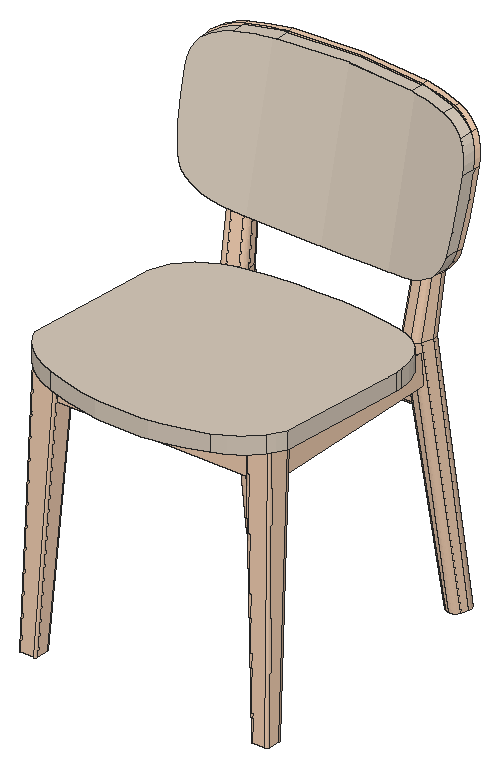
Revit family "FU_Chair_Sandler_Celina 1-13", category Furniture, Revit 2020
Family settings
  OmniClass Number = 23.40.20.00
  OmniClass Title = General Furniture and Specialties
  Work Plane-Based = No
  Always vertical = Yes
  Cut with Voids When Loaded = No
  Shared = No
  Room Calculation Point = No
Parameters (values of type "Celina 1.13")
  Width = 500 mm
  URL = "https://www.sandlerseating.com/product/celina-1-11/"
  Seat [instance] = Fabric - Manhattan - Bronx YI364
  Model = "Celina 1.13"
  Manufacturer = "Sandler"
  Height = 820 mm
  Frame [instance] = Wood - Beech - Walnut - V
  Description = "Side chair on a beech frame with a fully upholstered seat and upholstered panel on back."
  Depth = 550 mm
  Default Elevation = 0 mm
Reference planes
  plane 1 "Center (Front/Back)": y = 0
  plane 2: z = 0
  plane 3 "Center (Left/Right)": x = 0
  plane 4 "Right": x = -250
  plane 5 "Left": x = 250
  plane 6 "Back": y = 275
  plane 7 "Front": y = -275
  plane 8 "Height": z = 820
  plane 9 "Seat height": z = 460
  plane 10 "Right Arm": x = -325
  plane 11 "Left Arm": x = 325
  plane 12 "FL C FRONT": through (206.59, -1524, 5.36) normal (-0.9994, 0, -0.0359)
  plane 13 "BL C Front": through (-178.282, -1524, 5.132) normal (-0.9999, 0, 0.0103)
  plane 14 "FL C RIGHT": through (4267.2, -211.114, 5.562) normal (0, -0.9986, 0.0521)
  plane 15: through (4267.2, 255.502, 4.2) normal (0, -0.9887, -0.1501)
  plane 16: through (4267.2, 190.415, 493.994) normal (0, -0.984, 0.1783)
Forms (mm)
  Sweep 1, solid, material "Fabric - Manhattan - Bronx YI364" <- "Seat"
    path origin (0.119, 29.292, 439.708) x (0, 0.99863, -0.052336) y (1, 0, 0)
      loop
        line (-311.844, 0) -> (171.86, 0)
    profile "Pro_celina_Seat_UPH : Pro_celina_Seat_UPH" origin (0.119, -40.604, 443.371) x (1, 0, 0) y (0, -0.052336, -0.99863)
      loop
        arc (226.228, -11.375) -> (0, 0) -> (-226.228, -11.375) r 2255.339
        line (-226.228, -11.375) -> (-226.228, -41.375)
        arc (-226.228, -41.375) -> (0, -30) -> (226.228, -41.375) r 2255.339
        line (226.228, -41.375) -> (226.228, -11.375)
  Extrusion 2, void
    sketch origin (0.119, -20.296, 502.02) x (-1, 0, 0) y (0, -1, 0)
      loop
        line (248.521, -230.925) -> (248.521, 269.075) -> (-251.479, 269.075) -> (-251.479, -230.925) -> (248.521, -230.925)
      loop
        arc (141.879, 235.713) -> (0.119, 256.987) -> (-141.64, 235.713) r 482.927
        arc (-141.64, 235.713) -> (-177.703, 219.068) -> (-208.046, 193.437) r 148.11
        arc (-208.046, 193.437) -> (-229.338, 158.084) -> (-235.769, 117.318) r 107.689
        arc (-235.769, 117.318) -> (-233.624, 13.584) -> (-224.626, -89.781) r 1568.852
        arc (-224.626, -89.781) -> (-196.277, -154.472) -> (-136.874, -192.68) r 122.229
        arc (-136.874, -192.68) -> (0.119, -211.879) -> (137.113, -192.68) r 498.358
        arc (137.113, -192.68) -> (196.516, -154.472) -> (224.865, -89.781) r 122.229
        arc (224.865, -89.781) -> (233.862, 13.584) -> (236.008, 117.318) r 1568.852
        arc (236.008, 117.318) -> (229.577, 158.084) -> (208.285, 193.437) r 107.689
        arc (208.285, 193.437) -> (177.942, 219.068) -> (141.879, 235.713) r 148.11
    from 10.492 to -76.796
  Sweep 3, solid, material "Fabric - Manhattan - Bronx YI364" <- "Seat"
    path origin (0.119, 37.154, -270.249) x (0, 1, 0) y (0, 0, 1)
      loop
        line (154.569, 770) -> (234.758, 1108.042)
    profile "Pro_celina_Back_UPH : Pro_celina_Back_UPH" origin (0.119, 231.818, 668.772) x (0, -0.972998, 0.230812) y (1, 0, 0)
      loop
        arc (42.034, 246.545) -> (3, 0) -> (42.034, -246.545) r 798.125
        arc (42.034, -246.545) -> (43.85, -249.045) -> (46.789, -250) r 5
        line (46.789, -250) -> (73.165, -250)
        arc (73.165, -250) -> (33, 0) -> (73.165, 250) r 798.125
        line (73.165, 250) -> (46.789, 250)
        arc (46.789, 250) -> (43.85, 249.045) -> (42.034, 246.545) r 5
  Extrusion 4, void
    sketch origin (0.119, 39.342, -270.874) x (1, 0, 0) y (0, 0, 1)
      loop
        line (119.761, 1090) -> (-121.25, 1090)
        arc (-121.25, 1090) -> (-154.552, 1088.857) -> (-187.721, 1085.67) r 541.973
        arc (-187.721, 1085.67) -> (-211.489, 1079.491) -> (-232.923, 1067.503) r 96.341
        arc (-232.923, 1067.503) -> (-245.694, 1045.257) -> (-249.494, 1019.89) r 69.271
        arc (-249.494, 1019.89) -> (-247.861, 958.646) -> (-241.122, 897.751) r 733.414
        arc (-241.122, 897.751) -> (-232.137, 873.763) -> (-214.284, 855.393) r 62.504
        arc (-214.284, 855.393) -> (-182.775, 839.296) -> (-148.432, 830.784) r 154.624
        arc (-148.432, 830.784) -> (-5.305, 821.343) -> (137.883, 829.803) r 1149.301
        arc (137.883, 829.803) -> (177.655, 837.565) -> (214.045, 855.393) r 154.624
        arc (214.045, 855.393) -> (231.898, 873.763) -> (240.883, 897.751) r 62.504
        arc (240.883, 897.751) -> (247.622, 958.646) -> (249.256, 1019.89) r 733.414
        arc (249.256, 1019.89) -> (245.455, 1045.257) -> (232.684, 1067.503) r 69.271
        arc (232.684, 1067.503) -> (211.25, 1079.491) -> (187.482, 1085.67) r 96.341
        arc (187.482, 1085.67) -> (153.689, 1088.897) -> (119.761, 1090) r 541.59
      loop
        line (-260, 1133.116) -> (-260, 753.116) -> (260, 753.116) -> (260, 1133.116) -> (-260, 1133.116)
    from -246.089 to -65.658
  SweptBlend 5, solid, material "Wood - Beech - Walnut - V" <- "Frame"
    path origin (206.516, 0, 7.419) x (0.035902, 0, -0.999355) y (0, -1, 0)
      loop
        line (15.798, 211.845) -> (-453.563, 187.36)
    profile origin (207.083, -211.845, -8.369) x (0.00187, 0.998642, -0.052062) y (-0.999355, 0, -0.035902)
      loop
        arc (-14.979, -11.006) -> (-13.796, -13.848) -> (-10.949, -15.021) r 4.023
        line (-10.949, -15.021) -> (11.028, -14.979)
        arc (11.028, -14.979) -> (13.854, -13.803) -> (15.021, -10.972) r 4
        line (15.021, -10.972) -> (14.979, 11.028)
        arc (14.979, 11.028) -> (13.803, 13.854) -> (10.972, 15.021) r 4
        line (10.972, 15.021) -> (-11.028, 14.979)
        arc (-11.028, 14.979) -> (-13.854, 13.803) -> (-15.021, 10.972) r 4
        line (-15.021, 10.972) -> (-14.979, -11.006)
    end profile origin (190.232, -187.36, 460.69) x (0.00187, 0.998642, -0.052062) y (-0.999355, 0, -0.035902)
      loop
        arc (-21.966, -18.041) -> (-20.789, -20.867) -> (-17.959, -22.034) r 4
        line (-17.959, -22.034) -> (18.041, -21.966)
        arc (18.041, -21.966) -> (20.867, -20.789) -> (22.034, -17.959) r 4
        line (22.034, -17.959) -> (21.966, 18.041)
        arc (21.966, 18.041) -> (20.789, 20.867) -> (17.959, 22.034) r 4
        line (17.959, 22.034) -> (-18.041, 21.966)
        arc (-18.041, 21.966) -> (-20.867, 20.789) -> (-22.034, 17.959) r 4
        line (-22.034, 17.959) -> (-21.966, -18.041)
  SweptBlend 6, solid, material "Wood - Beech - Walnut - V" <- "Frame"
    path origin (-178.316, 0, 1.838) x (-0.010308, 0, -0.999947) y (0, -1, 0)
      loop
        line (10.63, -257.754) -> (-463.93, -185.692)
    profile origin (-178.425, 257.754, -8.791) x (0.001548, 0.988666, 0.150121) y (-0.999947, 0, 0.010308)
      loop
        line (16.945, 1.2) -> (15.071, 7.954)
        arc (15.071, 7.954) -> (9.652, 14.89) -> (0.916, 15.962) r 11.5
        line (0.916, 15.962) -> (-12.575, 12.22)
        arc (-12.575, 12.22) -> (-19.51, 6.801) -> (-20.583, -1.935) r 11.5
        line (-20.583, -1.935) -> (-18.712, -8.681)
        arc (-18.712, -8.681) -> (-13.292, -15.616) -> (-4.556, -16.688) r 11.5
        line (-4.556, -16.688) -> (8.943, -12.944)
        arc (8.943, -12.944) -> (15.873, -7.529) -> (16.945, 1.2) r 11.49
    end profile origin (-173.534, 185.692, 465.743) x (0.001548, 0.988666, 0.150121) y (-0.999947, 0, 0.010308)
      loop
        line (5.481, 10.089) -> (-14.232, 4.749)
        arc (-14.232, 4.749) -> (-20.595, -0.161) -> (-21.622, -8.131) r 10.5
        line (-21.622, -8.131) -> (-16.447, -27.235)
        arc (-16.447, -27.235) -> (-11.538, -33.597) -> (-3.567, -34.624) r 10.5
        line (-3.567, -34.624) -> (16.146, -29.284)
        arc (16.146, -29.284) -> (22.508, -24.375) -> (23.535, -16.404) r 10.5
        line (23.535, -16.404) -> (18.361, 2.699)
        arc (18.361, 2.699) -> (13.451, 9.061) -> (5.481, 10.089) r 10.5
  SweptBlend 7, solid, material "Wood - Beech - Walnut - V" <- "Frame"
    path origin (-178.316, 0, 1.838) x (-0.010308, 0, -0.999947) y (0, -1, 0)
      loop
        line (-447.138, -184.221) -> (-698.053, -229.684)
    profile origin (-173.707, 184.221, 448.952) x (-0.001838, 0.983979, -0.178274) y (-0.999947, 0, 0.010308)
      loop
        line (6.359, 10.097) -> (-14.247, 4.59)
        arc (-14.247, 4.59) -> (-20.626, -0.298) -> (-21.68, -8.265) r 10.5
        line (-21.68, -8.265) -> (-16.57, -27.386)
        arc (-16.57, -27.386) -> (-11.682, -33.765) -> (-3.715, -34.819) r 10.5
        line (-3.715, -34.819) -> (16.891, -29.312)
        arc (16.891, -29.312) -> (23.269, -24.424) -> (24.324, -16.457) r 10.5
        line (24.324, -16.457) -> (19.214, 2.664)
        arc (19.214, 2.664) -> (14.326, 9.042) -> (6.359, 10.097) r 10.5
    end profile origin (-171.12, 229.684, 699.854) x (-0.001838, 0.983979, -0.178274) y (-0.999947, 0, 0.010308)
      loop
        arc (10.888, 12.173) -> (6.714, 17.652) -> (-0.112, 18.575) r 9
        line (-0.112, 18.575) -> (-10.954, 15.71)
        arc (-10.954, 15.71) -> (-16.436, 11.534) -> (-17.36, 4.704) r 9.005
        line (-17.36, 4.704) -> (-12.919, -12.102)
        arc (-12.919, -12.102) -> (-8.745, -17.581) -> (-1.919, -18.504) r 9
        line (-1.919, -18.504) -> (8.928, -15.638)
        arc (8.928, -15.638) -> (14.407, -11.464) -> (15.33, -4.638) r 9
        line (15.33, -4.638) -> (10.888, 12.173)
  Extrusion 8, void
    sketch origin (-178.316, 0, 1.838) x (-0.010308, 0, -0.999947) y (0, -1, 0)
      loop
        line (-458.111, -152.645) -> (-458.111, -224.882) -> (-439.168, -224.882) -> (-439.168, -152.645) -> (-458.111, -152.645)
    from -48.983 to 26.092
  Extrusion 9, void
    sketch origin (-178.316, 0, 1.838) x (-0.010308, 0, -0.999947) y (0, -1, 0)
      loop
        line (-458.228, -152.645) -> (-470.347, -152.645) -> (-470.347, -224.294) -> (-458.228, -224.294) -> (-458.228, -152.645)
    from -48.983 to 26.092
  SweptBlend 10, solid, material "Wood - Beech - Walnut - V" <- "Frame"
    path origin (178.316, 0, 1.838) x (0.010308, 0, -0.999947) y (0, 1, 0)
      loop
        line (10.63, 257.754) -> (-463.93, 185.692)
    profile origin (178.425, 257.754, -8.791) x (0.001548, -0.988666, -0.150121) y (0.999947, 0, 0.010308)
      loop
        arc (-16.945, 1.2) -> (-15.873, -7.529) -> (-8.943, -12.944) r 11.49
        line (-8.943, -12.944) -> (4.556, -16.688)
        arc (4.556, -16.688) -> (13.292, -15.616) -> (18.712, -8.681) r 11.5
        line (18.712, -8.681) -> (20.583, -1.935)
        arc (20.583, -1.935) -> (19.51, 6.801) -> (12.575, 12.22) r 11.5
        line (12.575, 12.22) -> (-0.916, 15.962)
        arc (-0.916, 15.962) -> (-9.652, 14.89) -> (-15.071, 7.954) r 11.5
        line (-15.071, 7.954) -> (-16.945, 1.2)
    end profile origin (173.534, 185.692, 465.743) x (0.001548, -0.988666, -0.150121) y (0.999947, 0, 0.010308)
      loop
        arc (-5.481, 10.089) -> (-13.451, 9.061) -> (-18.361, 2.699) r 10.5
        line (-18.361, 2.699) -> (-23.535, -16.404)
        arc (-23.535, -16.404) -> (-22.508, -24.375) -> (-16.146, -29.284) r 10.5
        line (-16.146, -29.284) -> (3.567, -34.624)
        arc (3.567, -34.624) -> (11.538, -33.597) -> (16.447, -27.235) r 10.5
        line (16.447, -27.235) -> (21.622, -8.131)
        arc (21.622, -8.131) -> (20.595, -0.161) -> (14.232, 4.749) r 10.5
        line (14.232, 4.749) -> (-5.481, 10.089)
  SweptBlend 11, solid, material "Wood - Beech - Walnut - V" <- "Frame"
    path origin (178.316, 0, 1.838) x (0.010308, 0, -0.999947) y (0, 1, 0)
      loop
        line (-447.138, 184.221) -> (-698.053, 229.684)
    profile origin (173.707, 184.221, 448.952) x (-0.001838, -0.983979, 0.178274) y (0.999947, 0, 0.010308)
      loop
        arc (-6.359, 10.097) -> (-14.326, 9.042) -> (-19.214, 2.664) r 10.5
        line (-19.214, 2.664) -> (-24.324, -16.457)
        arc (-24.324, -16.457) -> (-23.269, -24.424) -> (-16.891, -29.312) r 10.5
        line (-16.891, -29.312) -> (3.715, -34.819)
        arc (3.715, -34.819) -> (11.682, -33.765) -> (16.57, -27.386) r 10.5
        line (16.57, -27.386) -> (21.68, -8.265)
        arc (21.68, -8.265) -> (20.626, -0.298) -> (14.247, 4.59) r 10.5
        line (14.247, 4.59) -> (-6.359, 10.097)
    end profile origin (171.12, 229.684, 699.854) x (-0.001838, -0.983979, 0.178274) y (0.999947, 0, 0.010308)
      loop
        line (-10.888, 12.173) -> (-15.33, -4.638)
        arc (-15.33, -4.638) -> (-14.407, -11.464) -> (-8.928, -15.638) r 9
        line (-8.928, -15.638) -> (1.919, -18.504)
        arc (1.919, -18.504) -> (8.745, -17.581) -> (12.919, -12.102) r 9
        line (12.919, -12.102) -> (17.36, 4.704)
        arc (17.36, 4.704) -> (16.436, 11.534) -> (10.954, 15.71) r 9.005
        line (10.954, 15.71) -> (0.112, 18.575)
        arc (0.112, 18.575) -> (-6.714, 17.652) -> (-10.888, 12.173) r 9
  Extrusion 12, void
    sketch origin (178.316, 0, 1.838) x (0.010308, 0, -0.999947) y (0, 1, 0)
      loop
        line (-458.111, 152.645) -> (-439.168, 152.645) -> (-439.168, 224.882) -> (-458.111, 224.882) -> (-458.111, 152.645)
    from -48.983 to 26.092
  Extrusion 13, void
    sketch origin (178.316, 0, 1.838) x (0.010308, 0, -0.999947) y (0, 1, 0)
      loop
        line (-458.228, 152.645) -> (-458.228, 224.294) -> (-470.347, 224.294) -> (-470.347, 152.645) -> (-458.228, 152.645)
    from -48.983 to 26.092
  SweptBlend 14, solid, material "Wood - Beech - Walnut - V" <- "Frame"
    path origin (-206.516, 0, 7.419) x (-0.035902, 0, -0.999355) y (0, 1, 0)
      loop
        line (15.798, -211.845) -> (-453.563, -187.36)
    profile origin (-207.083, -211.845, -8.369) x (0.00187, -0.998642, 0.052062) y (0.999355, 0, -0.035902)
      loop
        line (14.979, -11.006) -> (15.021, 10.972)
        arc (15.021, 10.972) -> (13.854, 13.803) -> (11.028, 14.979) r 4
        line (11.028, 14.979) -> (-10.972, 15.021)
        arc (-10.972, 15.021) -> (-13.803, 13.854) -> (-14.979, 11.028) r 4
        line (-14.979, 11.028) -> (-15.021, -10.972)
        arc (-15.021, -10.972) -> (-13.854, -13.803) -> (-11.028, -14.979) r 4
        line (-11.028, -14.979) -> (10.949, -15.021)
        arc (10.949, -15.021) -> (13.796, -13.848) -> (14.979, -11.006) r 4.023
    end profile origin (-190.232, -187.36, 460.69) x (0.00187, -0.998642, 0.052062) y (0.999355, 0, -0.035902)
      loop
        line (21.966, -18.041) -> (22.034, 17.959)
        arc (22.034, 17.959) -> (20.867, 20.789) -> (18.041, 21.966) r 4
        line (18.041, 21.966) -> (-17.959, 22.034)
        arc (-17.959, 22.034) -> (-20.789, 20.867) -> (-21.966, 18.041) r 4
        line (-21.966, 18.041) -> (-22.034, -17.959)
        arc (-22.034, -17.959) -> (-20.867, -20.789) -> (-18.041, -21.966) r 4
        line (-18.041, -21.966) -> (17.959, -22.034)
        arc (17.959, -22.034) -> (20.789, -20.867) -> (21.966, -18.041) r 4
  Extrusion 15, solid, material "Wood - Beech - Walnut - V" <- "Frame"
    sketch origin (0, 0, 460) x (-1, 0, 0) y (0, -1, 0)
      loop
        line (175.074, 174.445) -> (175.074, 205.637) -> (-174.926, 205.637) -> (-174.926, 174.445) -> (175.074, 174.445)
      loop
        line (207.36, 174.272) -> (178.067, 176.828) -> (146.379, -186.366) -> (176.28, -181.947) -> (207.36, 174.272)
      loop
        line (-207.36, 174.272) -> (-176.28, -181.947) -> (-146.379, -186.366) -> (-178.067, 176.828) -> (-207.36, 174.272)
    from 0 to -78.018
  Sweep 16, void
    path origin (0.119, 30.664, 441.798) x (0, 0.99863, -0.052336) y (1, 0, 0)
      loop
        line (-311.844, 0) -> (193.156, 0)
    profile "Pro_celina_Seat-cut : Pro_celina_Seat-cut" origin (0.119, -28.599, 444.904) x (1, 0, 0) y (0, -0.052336, -0.99863)
      loop
        arc (237.5, -12.54) -> (0, 0) -> (-237.5, -12.54) r 2255.339
        line (-237.5, -12.54) -> (-237.5, -65.04)
        arc (-237.5, -65.04) -> (0, -52.5) -> (237.5, -65.04) r 2255.339
        line (237.5, -65.04) -> (237.5, -12.54)
  Extrusion 17, void
    sketch origin (0, 0, 0) x (0, 1, 0) y (0, 0, 1)
      loop
        line (-229.224, 409.273) -> (-229.224, 334.273) -> (230.12, 334.273) -> (230.12, 384.715) -> (-229.224, 409.273)
    from -250 to 250
  Extrusion 18, solid, material "Wood - Beech - Walnut - V" <- "Frame"
    sketch origin (0, 0, 0) x (0, 1, 0) y (0, 0, 1)
      loop
        arc (213.056, 367.317) -> (210.682, 371.248) -> (206.223, 372.348) r 6
        line (206.223, 372.348) -> (198.535, 371.181)
        arc (198.535, 371.181) -> (194.604, 368.806) -> (193.503, 364.348) r 6
        line (193.503, 364.348) -> (197.257, 339.631)
        arc (197.257, 339.631) -> (199.631, 335.701) -> (204.09, 334.6) r 6
        line (204.09, 334.6) -> (211.778, 335.768)
        arc (211.778, 335.768) -> (215.709, 338.142) -> (216.81, 342.601) r 6
        line (216.81, 342.601) -> (213.056, 367.317)
    from -168 to 168
  Extrusion 19, void
    sketch origin (0, 0, 0) x (0, 1, 0) y (0, 0, 1)
      loop
        line (-275, 0) -> (-275, -32.791) -> (280, -32.791) -> (280, 0) -> (-275, 0)
    from -250 to 250
  Sweep 20, solid, material "Wood - Beech - Walnut - V" <- "Frame"
    path origin (0.119, 37.154, -270.249) x (0, 1, 0) y (0, 0, 1)
      loop
        line (154.569, 770) -> (234.758, 1108.042)
    profile "Pro_celina_Back : Pro_celina_Back" origin (0.119, 231.818, 668.772) x (0, -0.972998, 0.230812) y (1, 0, 0)
      loop
        arc (50.165, -250) -> (10, 0) -> (50.165, 250) r 798.119
        line (50.165, 250) -> (40.165, 250)
        arc (40.165, 250) -> (0, 0) -> (40.165, -250) r 798.125
        line (40.165, -250) -> (50.165, -250)
  Extrusion 21, void
    sketch origin (0, 0, 0) x (1, 0, 0) y (0, 0, 1)
      loop
        line (119.189, 817.664) -> (-121.182, 817.664)
        arc (-121.182, 817.664) -> (-154.204, 816.535) -> (-187.094, 813.377) r 536.553
        arc (-187.094, 813.377) -> (-210.624, 807.259) -> (-231.844, 795.391) r 95.377
        arc (-231.844, 795.391) -> (-244.487, 773.368) -> (-248.249, 748.255) r 68.579
        arc (-248.249, 748.255) -> (-246.632, 687.623) -> (-239.96, 627.337) r 726.08
        arc (-239.96, 627.337) -> (-231.065, 603.589) -> (-213.391, 585.403) r 61.879
        arc (-213.391, 585.403) -> (-182.197, 569.467) -> (-148.198, 561.039) r 153.077
        arc (-148.198, 561.039) -> (-7.322, 551.696) -> (133.626, 559.871) r 1137.808
        arc (133.626, 559.871) -> (175.165, 567.108) -> (213.154, 585.403) r 153.077
        arc (213.154, 585.403) -> (230.829, 603.589) -> (239.724, 627.337) r 61.879
        arc (239.724, 627.337) -> (246.396, 687.623) -> (248.013, 748.255) r 726.08
        arc (248.013, 748.255) -> (244.25, 773.368) -> (231.607, 795.391) r 68.579
        arc (231.607, 795.391) -> (210.388, 807.259) -> (186.857, 813.377) r 95.377
        arc (186.857, 813.377) -> (153.091, 816.591) -> (119.189, 817.664) r 536.174
      loop
        line (-260, 862.242) -> (-260, 482.242) -> (260, 482.242) -> (260, 862.242) -> (-260, 862.242)
    from -291.827 to -115.962
Cuts and joins
  Extrusion 2 cuts Sweep 1
  Extrusion 8 cuts SweptBlend 7
  Extrusion 9, Extrusion 19 cuts SweptBlend 6
  Extrusion 12 cuts SweptBlend 11
  Extrusion 13, Extrusion 19 cuts SweptBlend 10
  Sweep 16, Extrusion 17 cuts Extrusion 15
  Extrusion 19 cuts SweptBlend 14
  Extrusion 19 cuts SweptBlend 5
  Extrusion 4 cuts Sweep 20
  Extrusion 21 cuts Sweep 3
Dimensions and locks
  equal spacing: plane 4 "Right", plane 3 "Center (Left/Right)", plane 5 "Left"
  "Width": plane 4 "Right" to plane 5 "Left"
  equal spacing: plane 6 "Back", plane 1 "Center (Front/Back)", plane 7 "Front"
  "Depth": plane 6 "Back" to plane 7 "Front"
  "Height": plane 8 "Height" to level
  plane 9 "Seat height" to level = 460 mm
  equal spacing: plane 10 "Right Arm", plane 3 "Center (Left/Right)", plane 11 "Left Arm"
  plane 10 "Right Arm" to plane 11 "Left Arm" = 650 mm
  aligned and locked: level to plane 2
Automatic sketch dimensions
  plane 3 "Center (Left/Right)" to Sweep 1 sketch curve = 0.119 mm
  Sweep 1 sketch curve to Sweep 1 sketch curve = 483.704 mm
  Extrusion 2 sketch curve to plane 3 "Center (Left/Right)" = 0 mm  (x2)
  plane 3 "Center (Left/Right)" to Extrusion 2 sketch curve = 98.283 mm
  Extrusion 2 sketch curve to plane 1 "Center (Front/Back)" = 54.865 mm  (x2)
  plane 3 "Center (Left/Right)" to Extrusion 2 sketch curve = 103.394 mm
  Extrusion 2 sketch curve to Extrusion 2 sketch curve = 29.988 mm  (x2)
  Extrusion 2 sketch curve to plane 5 "Left" = 1.598 mm
  plane 1 "Center (Front/Back)" to Extrusion 2 sketch curve = 118.175 mm  (x2)
  Extrusion 2 sketch curve to plane 11 "Left Arm" = 1007.843 mm
  Extrusion 2 sketch curve to plane 3 "Center (Left/Right)" = 98.283 mm
  Extrusion 2 sketch curve to plane 3 "Center (Left/Right)" = 103.394 mm
  Extrusion 2 sketch curve to plane 4 "Right" = 1.598 mm
  plane 10 "Right Arm" to Extrusion 2 sketch curve = 1007.843 mm
  Extrusion 2 sketch curve to plane 6 "Back" = 69.356 mm
  Extrusion 2 sketch curve to plane 6 "Back" = 64.371 mm
  plane 1 "Center (Front/Back)" to Extrusion 2 sketch curve = 114.424 mm  (x2)
  Extrusion 2 sketch curve to Extrusion 2 sketch curve = 27.102 mm  (x2)
  Extrusion 2 sketch curve to plane 7 "Front" = 14.371 mm
  Extrusion 2 sketch curve to plane 7 "Front" = 31.774 mm
  Extrusion 2 sketch curve to plane 6 "Back" = 102.616 mm
  Extrusion 2 sketch curve to Extrusion 2 sketch curve = 0 mm  (x8)
  plane 7 "Front" to Extrusion 2 sketch curve = 18.991 mm
  plane 9 "Seat height" to Sweep 3 sketch curve = 39.751 mm
  Sweep 3 sketch curve to plane 6 "Back" = 83.277 mm
  Sweep 3 sketch curve to plane 6 "Back" = 3.087 mm
  plane 8 "Height" to Sweep 3 sketch curve = 17.793 mm
  plane 10 "Right Arm" to Extrusion 4 sketch curve = 158.955 mm
  plane 4 "Right" to Extrusion 4 sketch curve = 9.881 mm
  Extrusion 4 sketch curve to plane 4 "Right" = 69.848 mm
  Extrusion 4 sketch curve to plane 4 "Right" = 70.781 mm
  Extrusion 4 sketch curve to Extrusion 4 sketch curve = 4.71 mm  (x2)
  Extrusion 4 sketch curve to Extrusion 4 sketch curve = 46.915 mm  (x2)
  Extrusion 4 sketch curve to plane 8 "Height" = 0.874 mm
  Extrusion 4 sketch curve to Extrusion 4 sketch curve = 59.022 mm
  Extrusion 4 sketch curve to plane 3 "Center (Left/Right)" = 119.201 mm
  Extrusion 4 sketch curve to plane 3 "Center (Left/Right)" = 1.25 mm
  plane 3 "Center (Left/Right)" to Extrusion 4 sketch curve = 119.25 mm
  plane 3 "Center (Left/Right)" to Extrusion 4 sketch curve = 119.881 mm
  Extrusion 4 sketch curve to Extrusion 4 sketch curve = 8.647 mm
  plane 5 "Left" to Extrusion 4 sketch curve = 70.781 mm
  Extrusion 4 sketch curve to plane 5 "Left" = 10.119 mm
  Extrusion 4 sketch curve to plane 8 "Height" = 82.07 mm  (x2)
  Extrusion 4 sketch curve to plane 11 "Left Arm" = 158.955 mm
  Extrusion 4 sketch curve to plane 8 "Height" = 100.775 mm  (x2)
  Extrusion 4 sketch curve to Extrusion 4 sketch curve = 5.963 mm  (x2)
  Extrusion 4 sketch curve to Extrusion 4 sketch curve = 82.884 mm  (x2)
  plane 9 "Seat height" to Extrusion 4 sketch curve = 22.242 mm
  Extrusion 4 sketch curve to plane 9 "Seat height" = 182.463 mm
  Extrusion 4 sketch curve to plane 9 "Seat height" = 182.844 mm
  Extrusion 4 sketch curve to Extrusion 4 sketch curve = 32.388 mm  (x2)
  plane 8 "Height" to Extrusion 4 sketch curve = 42.242 mm
  Extrusion 4 sketch curve to Extrusion 4 sketch curve = 837.521 mm
  Extrusion 4 sketch curve to plane 4 "Right" = 0.625 mm
  Extrusion 4 sketch curve to plane 4 "Right" = 8.998 mm
  Extrusion 4 sketch curve to Extrusion 4 sketch curve = 0 mm  (x4)
  Extrusion 4 sketch curve to plane 4 "Right" = 17.196 mm
  Extrusion 4 sketch curve to plane 4 "Right" = 35.836 mm
  Extrusion 4 sketch curve to Extrusion 4 sketch curve = 41.216 mm
  plane 5 "Left" to Extrusion 4 sketch curve = 35.836 mm
  plane 5 "Left" to Extrusion 4 sketch curve = 17.196 mm
  plane 7 "Front" to SweptBlend 5 sketch curve = 87.64 mm
  plane 7 "Front" to SweptBlend 5 sketch curve = 63.155 mm
  SweptBlend 5 sketch curve to SweptBlend 5 sketch curve = 469.362 mm
  profile plane to SweptBlend 5 sketch curve = 15.021 mm
  profile plane to SweptBlend 5 sketch curve = 14.979 mm
  SweptBlend 5 sketch curve to SweptBlend 5 sketch curve = 3.993 mm  (x3)
  SweptBlend 5 sketch curve to SweptBlend 5 sketch curve = 4 mm  (x9)
  SweptBlend 5 sketch curve to SweptBlend 5 sketch curve = 4.023 mm
  SweptBlend 5 sketch curve to SweptBlend 5 sketch curve = 0.008 mm
  SweptBlend 5 sketch curve to profile plane = 10.972 mm
  SweptBlend 5 sketch curve to SweptBlend 5 sketch curve = 0.007 mm  (x9)
  SweptBlend 5 sketch curve to profile plane = 11.021 mm
  SweptBlend 5 sketch curve to plane 12 "FL C FRONT" = 15.021 mm
  SweptBlend 5 sketch curve to plane 12 "FL C FRONT" = 14.979 mm
  SweptBlend 5 sketch curve to SweptBlend 5 sketch curve = 4.015 mm
  plane 12 "FL C FRONT" to SweptBlend 5 sketch curve = 10.972 mm
  plane 12 "FL C FRONT" to SweptBlend 5 sketch curve = 11.021 mm
  profile plane to SweptBlend 5 sketch curve = 22.034 mm
  profile plane to SweptBlend 5 sketch curve = 21.966 mm
  SweptBlend 5 sketch curve to profile plane = 17.959 mm
  SweptBlend 5 sketch curve to profile plane = 18.034 mm
  SweptBlend 5 sketch curve to plane 12 "FL C FRONT" = 22.034 mm
  SweptBlend 5 sketch curve to plane 12 "FL C FRONT" = 21.966 mm
  plane 12 "FL C FRONT" to SweptBlend 5 sketch curve = 17.959 mm
  plane 12 "FL C FRONT" to SweptBlend 5 sketch curve = 18.034 mm
  SweptBlend 6 sketch curve to plane 6 "Back" = 89.308 mm
  SweptBlend 6 sketch curve to plane 6 "Back" = 17.246 mm
  SweptBlend 6 sketch curve to SweptBlend 6 sketch curve = 474.56 mm
  SweptBlend 6 sketch curve to plane 13 "BL C Front" = 1.935 mm
  profile plane to SweptBlend 6 sketch curve = 20.583 mm
  SweptBlend 6 sketch curve to plane 13 "BL C Front" = 8.681 mm
  SweptBlend 6 sketch curve to SweptBlend 6 sketch curve = 1.871 mm  (x2)
  profile plane to SweptBlend 6 sketch curve = 12.575 mm
  plane 13 "BL C Front" to SweptBlend 6 sketch curve = 1.138 mm
  profile plane to SweptBlend 6 sketch curve = 9.501 mm
  profile plane to SweptBlend 6 sketch curve = 4.556 mm
  SweptBlend 6 sketch curve to profile plane = 0.916 mm
  SweptBlend 6 sketch curve to profile plane = 3.99 mm
  SweptBlend 6 sketch curve to plane 13 "BL C Front" = 1.872 mm
  SweptBlend 6 sketch curve to profile plane = 5.872 mm
  SweptBlend 6 sketch curve to profile plane = 8.943 mm
  plane 13 "BL C Front" to SweptBlend 6 sketch curve = 7.954 mm
  SweptBlend 6 sketch curve to SweptBlend 6 sketch curve = 11.082 mm
  plane 13 "BL C Front" to SweptBlend 6 sketch curve = 1.2 mm
  SweptBlend 6 sketch curve to SweptBlend 6 sketch curve = 1.874 mm
  SweptBlend 6 sketch curve to SweptBlend 6 sketch curve = 3.745 mm
  plane 13 "BL C Front" to SweptBlend 6 sketch curve = 4.88 mm
  SweptBlend 6 sketch curve to plane 13 "BL C Front" = 8.131 mm
  profile plane to SweptBlend 6 sketch curve = 21.622 mm
  profile plane to SweptBlend 6 sketch curve = 16.447 mm
  plane 13 "BL C Front" to SweptBlend 6 sketch curve = 4.749 mm
  profile plane to SweptBlend 6 sketch curve = 14.232 mm
  SweptBlend 6 sketch curve to plane 13 "BL C Front" = 5.386 mm
  profile plane to SweptBlend 6 sketch curve = 6.313 mm
  profile plane to SweptBlend 6 sketch curve = 3.567 mm
  SweptBlend 6 sketch curve to profile plane = 5.481 mm
  SweptBlend 6 sketch curve to plane 13 "BL C Front" = 0.046 mm
  SweptBlend 6 sketch curve to profile plane = 8.226 mm
  SweptBlend 6 sketch curve to profile plane = 13.4 mm
  SweptBlend 6 sketch curve to SweptBlend 6 sketch curve = 2.745 mm  (x3)
  plane 13 "BL C Front" to SweptBlend 6 sketch curve = 2.699 mm
  SweptBlend 6 sketch curve to SweptBlend 6 sketch curve = 10.135 mm  (x2)
  SweptBlend 6 sketch curve to plane 13 "BL C Front" = 16.404 mm
  SweptBlend 6 sketch curve to SweptBlend 6 sketch curve = 19.103 mm
  SweptBlend 7 sketch curve to plane 6 "Back" = 45.316 mm
  SweptBlend 7 sketch curve to plane 6 "Back" = 90.779 mm
  SweptBlend 7 sketch curve to SweptBlend 7 sketch curve = 250.915 mm
  plane 13 "BL C Front" to SweptBlend 7 sketch curve = 4.704 mm
  profile plane to SweptBlend 7 sketch curve = 17.36 mm
  profile plane to SweptBlend 7 sketch curve = 12.919 mm
  profile plane to SweptBlend 7 sketch curve = 10.954 mm
  profile plane to SweptBlend 7 sketch curve = 8.654 mm
  profile plane to SweptBlend 7 sketch curve = 4.218 mm
  profile plane to SweptBlend 7 sketch curve = 1.919 mm
  profile plane to SweptBlend 7 sketch curve = 0.112 mm
  SweptBlend 7 sketch curve to profile plane = 2.187 mm
  SweptBlend 7 sketch curve to profile plane = 6.628 mm
  SweptBlend 7 sketch curve to profile plane = 8.928 mm
  SweptBlend 7 sketch curve to SweptBlend 7 sketch curve = 8.701 mm  (x2)
  SweptBlend 7 sketch curve to plane 13 "BL C Front" = 4.638 mm
  SweptBlend 7 sketch curve to plane 13 "BL C Front" = 6.937 mm
  SweptBlend 7 sketch curve to plane 13 "BL C Front" = 9.803 mm
  SweptBlend 7 sketch curve to SweptBlend 7 sketch curve = 2.299 mm  (x2)
  plane 13 "BL C Front" to SweptBlend 7 sketch curve = 7.004 mm
  plane 13 "BL C Front" to SweptBlend 7 sketch curve = 9.873 mm
  SweptBlend 7 sketch curve to plane 13 "BL C Front" = 8.265 mm
  profile plane to SweptBlend 7 sketch curve = 21.68 mm
  profile plane to SweptBlend 7 sketch curve = 16.57 mm
  plane 13 "BL C Front" to SweptBlend 7 sketch curve = 4.59 mm
  profile plane to SweptBlend 7 sketch curve = 14.247 mm
  SweptBlend 7 sketch curve to plane 13 "BL C Front" = 5.554 mm
  profile plane to SweptBlend 7 sketch curve = 6.426 mm
  profile plane to SweptBlend 7 sketch curve = 3.715 mm
  SweptBlend 7 sketch curve to profile plane = 6.359 mm
  SweptBlend 7 sketch curve to plane 13 "BL C Front" = 0.047 mm
  SweptBlend 7 sketch curve to profile plane = 9.07 mm
  SweptBlend 7 sketch curve to profile plane = 14.18 mm
  SweptBlend 7 sketch curve to SweptBlend 7 sketch curve = 2.711 mm  (x3)
  plane 13 "BL C Front" to SweptBlend 7 sketch curve = 2.664 mm
  SweptBlend 7 sketch curve to SweptBlend 7 sketch curve = 10.144 mm  (x2)
  SweptBlend 7 sketch curve to plane 13 "BL C Front" = 16.457 mm
  SweptBlend 7 sketch curve to SweptBlend 7 sketch curve = 19.121 mm
  Extrusion 8 sketch curve to plane 6 "Back" = 50.118 mm
  Extrusion 8 sketch curve to Extrusion 8 sketch curve = 18.943 mm
  Extrusion 8 sketch curve to Extrusion 8 sketch curve = 72.237 mm
  Extrusion 9 sketch curve to plane 6 "Back" = 122.355 mm
  Extrusion 9 sketch curve to Extrusion 9 sketch curve = 12.119 mm
  Extrusion 9 sketch curve to plane 6 "Back" = 50.706 mm
  SweptBlend 10 sketch curve to plane 6 "Back" = 89.308 mm
  SweptBlend 10 sketch curve to plane 6 "Back" = 17.246 mm
  SweptBlend 10 sketch curve to SweptBlend 10 sketch curve = 474.56 mm
  profile plane to SweptBlend 10 sketch curve = 1.2 mm
  profile plane to SweptBlend 10 sketch curve = 16.945 mm
  SweptBlend 10 sketch curve to SweptBlend 10 sketch curve = 1.874 mm
  profile plane to SweptBlend 10 sketch curve = 8.943 mm
  SweptBlend 10 sketch curve to profile plane = 1.872 mm
  profile plane to SweptBlend 10 sketch curve = 5.872 mm
  profile plane to SweptBlend 10 sketch curve = 3.99 mm
  profile plane to SweptBlend 10 sketch curve = 0.916 mm
  SweptBlend 10 sketch curve to profile plane = 4.556 mm
  SweptBlend 10 sketch curve to profile plane = 7.63 mm
  profile plane to SweptBlend 10 sketch curve = 1.138 mm
  SweptBlend 10 sketch curve to SweptBlend 10 sketch curve = 1.871 mm  (x2)
  SweptBlend 10 sketch curve to SweptBlend 10 sketch curve = 3.074 mm
  SweptBlend 10 sketch curve to profile plane = 8.681 mm
  SweptBlend 10 sketch curve to SweptBlend 10 sketch curve = 11.082 mm
  SweptBlend 10 sketch curve to profile plane = 1.935 mm
  SweptBlend 10 sketch curve to SweptBlend 10 sketch curve = 3.745 mm
  profile plane to SweptBlend 10 sketch curve = 4.88 mm
  SweptBlend 10 sketch curve to SweptBlend 10 sketch curve = 6.754 mm
  profile plane to SweptBlend 10 sketch curve = 23.535 mm
  profile plane to SweptBlend 10 sketch curve = 2.699 mm
  profile plane to SweptBlend 10 sketch curve = 18.361 mm
  SweptBlend 10 sketch curve to SweptBlend 10 sketch curve = 7.389 mm
  SweptBlend 10 sketch curve to SweptBlend 10 sketch curve = 10.135 mm  (x2)
  SweptBlend 10 sketch curve to profile plane = 0.046 mm
  profile plane to SweptBlend 10 sketch curve = 8.226 mm
  profile plane to SweptBlend 10 sketch curve = 5.481 mm
  SweptBlend 10 sketch curve to profile plane = 3.567 mm
  SweptBlend 10 sketch curve to profile plane = 6.313 mm
  SweptBlend 10 sketch curve to profile plane = 5.386 mm
  SweptBlend 10 sketch curve to profile plane = 11.487 mm
  profile plane to SweptBlend 10 sketch curve = 4.749 mm
  SweptBlend 10 sketch curve to SweptBlend 10 sketch curve = 2.745 mm  (x3)
  SweptBlend 10 sketch curve to profile plane = 8.131 mm
  SweptBlend 10 sketch curve to profile plane = 16.404 mm
  SweptBlend 10 sketch curve to SweptBlend 10 sketch curve = 19.103 mm
  SweptBlend 11 sketch curve to plane 6 "Back" = 45.316 mm
  SweptBlend 11 sketch curve to plane 6 "Back" = 90.779 mm
  SweptBlend 11 sketch curve to SweptBlend 11 sketch curve = 250.915 mm
  SweptBlend 11 sketch curve to profile plane = 4.638 mm
  profile plane to SweptBlend 11 sketch curve = 15.33 mm
  profile plane to SweptBlend 11 sketch curve = 10.888 mm
  profile plane to SweptBlend 11 sketch curve = 8.928 mm
  profile plane to SweptBlend 11 sketch curve = 6.628 mm
  profile plane to SweptBlend 11 sketch curve = 2.187 mm
  SweptBlend 11 sketch curve to profile plane = 0.112 mm
  SweptBlend 11 sketch curve to profile plane = 1.919 mm
  SweptBlend 11 sketch curve to profile plane = 4.218 mm
  SweptBlend 11 sketch curve to profile plane = 8.654 mm
  SweptBlend 11 sketch curve to SweptBlend 11 sketch curve = 2.3 mm
  SweptBlend 11 sketch curve to SweptBlend 11 sketch curve = 8.701 mm
  profile plane to SweptBlend 11 sketch curve = 4.704 mm
  SweptBlend 11 sketch curve to SweptBlend 11 sketch curve = 8.706 mm
  SweptBlend 11 sketch curve to profile plane = 6.937 mm
  SweptBlend 11 sketch curve to profile plane = 9.803 mm
  SweptBlend 11 sketch curve to SweptBlend 11 sketch curve = 2.299 mm  (x2)
  profile plane to SweptBlend 11 sketch curve = 7.004 mm
  profile plane to SweptBlend 11 sketch curve = 9.873 mm
  profile plane to SweptBlend 11 sketch curve = 24.324 mm
  profile plane to SweptBlend 11 sketch curve = 2.664 mm
  profile plane to SweptBlend 11 sketch curve = 19.214 mm
  SweptBlend 11 sketch curve to SweptBlend 11 sketch curve = 7.433 mm
  SweptBlend 11 sketch curve to SweptBlend 11 sketch curve = 10.144 mm  (x2)
  SweptBlend 11 sketch curve to profile plane = 0.047 mm
  profile plane to SweptBlend 11 sketch curve = 9.07 mm
  profile plane to SweptBlend 11 sketch curve = 6.359 mm
  SweptBlend 11 sketch curve to profile plane = 3.715 mm
  SweptBlend 11 sketch curve to profile plane = 6.426 mm
  SweptBlend 11 sketch curve to profile plane = 5.554 mm
  SweptBlend 11 sketch curve to profile plane = 11.536 mm
  profile plane to SweptBlend 11 sketch curve = 4.59 mm
  SweptBlend 11 sketch curve to SweptBlend 11 sketch curve = 2.711 mm  (x3)
  SweptBlend 11 sketch curve to profile plane = 8.265 mm
  SweptBlend 11 sketch curve to profile plane = 16.457 mm
  SweptBlend 11 sketch curve to SweptBlend 11 sketch curve = 19.121 mm
  Extrusion 12 sketch curve to plane 6 "Back" = 50.118 mm
  Extrusion 12 sketch curve to Extrusion 12 sketch curve = 18.943 mm
  Extrusion 12 sketch curve to Extrusion 12 sketch curve = 72.237 mm
  Extrusion 13 sketch curve to plane 6 "Back" = 122.355 mm
  Extrusion 13 sketch curve to Extrusion 13 sketch curve = 12.119 mm
  Extrusion 13 sketch curve to plane 6 "Back" = 50.706 mm
  plane 7 "Front" to SweptBlend 14 sketch curve = 87.64 mm
  plane 7 "Front" to SweptBlend 14 sketch curve = 63.155 mm
  SweptBlend 14 sketch curve to SweptBlend 14 sketch curve = 469.362 mm
  profile plane to SweptBlend 14 sketch curve = 15.021 mm
  profile plane to SweptBlend 14 sketch curve = 14.979 mm
  SweptBlend 14 sketch curve to SweptBlend 14 sketch curve = 3.993 mm  (x3)
  SweptBlend 14 sketch curve to SweptBlend 14 sketch curve = 4 mm  (x9)
  SweptBlend 14 sketch curve to SweptBlend 14 sketch curve = 0.007 mm  (x9)
  SweptBlend 14 sketch curve to profile plane = 10.949 mm
  SweptBlend 14 sketch curve to SweptBlend 14 sketch curve = 0.008 mm
  SweptBlend 14 sketch curve to profile plane = 11.021 mm
  SweptBlend 14 sketch curve to SweptBlend 14 sketch curve = 4.023 mm
  SweptBlend 14 sketch curve to profile plane = 15.021 mm
  SweptBlend 14 sketch curve to profile plane = 14.979 mm
  SweptBlend 14 sketch curve to SweptBlend 14 sketch curve = 4.015 mm
  profile plane to SweptBlend 14 sketch curve = 10.972 mm
  profile plane to SweptBlend 14 sketch curve = 11.021 mm
  profile plane to SweptBlend 14 sketch curve = 22.034 mm
  profile plane to SweptBlend 14 sketch curve = 21.966 mm
  SweptBlend 14 sketch curve to profile plane = 17.959 mm
  SweptBlend 14 sketch curve to profile plane = 18.034 mm
  SweptBlend 14 sketch curve to profile plane = 22.034 mm
  SweptBlend 14 sketch curve to profile plane = 21.966 mm
  profile plane to SweptBlend 14 sketch curve = 17.959 mm
  profile plane to SweptBlend 14 sketch curve = 18.034 mm
  plane 5 "Left" to Extrusion 15 sketch curve = 42.64 mm
  Extrusion 15 sketch curve to Extrusion 15 sketch curve = 29.293 mm  (x2)
  plane 5 "Left" to Extrusion 15 sketch curve = 73.72 mm
  Extrusion 15 sketch curve to Extrusion 15 sketch curve = 3.142 mm
  Extrusion 15 sketch curve to plane 6 "Back" = 88.634 mm  (x2)
  Extrusion 15 sketch curve to Extrusion 15 sketch curve = 29.901 mm  (x2)
  Extrusion 15 sketch curve to plane 4 "Right" = 103.621 mm
  Extrusion 15 sketch curve to plane 4 "Right" = 74.926 mm
  Extrusion 15 sketch curve to Extrusion 15 sketch curve = 2.993 mm
  Extrusion 15 sketch curve to Extrusion 15 sketch curve = 4.419 mm  (x2)
  Extrusion 15 sketch curve to Extrusion 15 sketch curve = 2.383 mm
  Extrusion 15 sketch curve to Extrusion 15 sketch curve = 28.809 mm
  plane 3 "Center (Left/Right)" to Sweep 16 sketch curve = 0.119 mm
  Sweep 16 sketch curve to Sweep 16 sketch curve = 505 mm
  plane 7 "Front" to Extrusion 17 sketch curve = 45.776 mm
  Extrusion 17 sketch curve to plane 6 "Back" = 44.88 mm
  Extrusion 17 sketch curve to plane 9 "Seat height" = 125.727 mm
  Extrusion 17 sketch curve to Extrusion 17 sketch curve = 50.442 mm
  Extrusion 17 sketch curve to plane 9 "Seat height" = 50.727 mm
  Extrusion 18 sketch curve to plane 6 "Back" = 81.497 mm
  Extrusion 18 sketch curve to Extrusion 18 sketch curve = 3.753 mm
  Extrusion 18 sketch curve to Extrusion 18 sketch curve = 5.031 mm  (x2)
  Extrusion 18 sketch curve to Extrusion 18 sketch curve = 5.932 mm  (x5)
  Extrusion 18 sketch curve to Extrusion 18 sketch curve = 0.901 mm  (x5)
  Extrusion 18 sketch curve to Extrusion 18 sketch curve = 7.689 mm  (x2)
  Extrusion 18 sketch curve to plane 9 "Seat height" = 125.4 mm
  Extrusion 18 sketch curve to Extrusion 18 sketch curve = 1.168 mm  (x2)
  Extrusion 18 sketch curve to Extrusion 18 sketch curve = 24.717 mm
  Extrusion 19 sketch curve to plane 7 "Front" = 0 mm
  Extrusion 19 sketch curve to level = 0 mm
  plane 6 "Back" to Extrusion 19 sketch curve = 5 mm
  Extrusion 19 sketch curve to level = 32.791 mm
  plane 9 "Seat height" to Sweep 20 sketch curve = 39.751 mm
  Sweep 20 sketch curve to plane 6 "Back" = 83.277 mm
  Sweep 20 sketch curve to plane 6 "Back" = 3.087 mm
  plane 8 "Height" to Sweep 20 sketch curve = 17.793 mm
  plane 10 "Right Arm" to Extrusion 21 sketch curve = 152.984 mm
  plane 4 "Right" to Extrusion 21 sketch curve = 10 mm
  Extrusion 21 sketch curve to plane 4 "Right" = 70.281 mm
  Extrusion 21 sketch curve to plane 4 "Right" = 71.205 mm
  Extrusion 21 sketch curve to Extrusion 21 sketch curve = 4.663 mm  (x2)
  Extrusion 21 sketch curve to Extrusion 21 sketch curve = 46.446 mm  (x2)
  Extrusion 21 sketch curve to plane 8 "Height" = 2.336 mm
  Extrusion 21 sketch curve to Extrusion 21 sketch curve = 58.537 mm
  Extrusion 21 sketch curve to plane 3 "Center (Left/Right)" = 119.378 mm
  Extrusion 21 sketch curve to plane 3 "Center (Left/Right)" = 2.606 mm
  plane 3 "Center (Left/Right)" to Extrusion 21 sketch curve = 119.189 mm  (x2)
  Extrusion 21 sketch curve to Extrusion 21 sketch curve = 9.185 mm
  plane 5 "Left" to Extrusion 21 sketch curve = 71.442 mm
  Extrusion 21 sketch curve to plane 5 "Left" = 10 mm
  Extrusion 21 sketch curve to plane 8 "Height" = 82.72 mm  (x2)
  Extrusion 21 sketch curve to plane 11 "Left Arm" = 152.748 mm
  Extrusion 21 sketch curve to plane 8 "Height" = 101.238 mm  (x2)
  Extrusion 21 sketch curve to Extrusion 21 sketch curve = 5.904 mm  (x2)
  Extrusion 21 sketch curve to Extrusion 21 sketch curve = 82.055 mm  (x2)
  plane 9 "Seat height" to Extrusion 21 sketch curve = 22.242 mm
  Extrusion 21 sketch curve to plane 9 "Seat height" = 178.51 mm
  Extrusion 21 sketch curve to plane 9 "Seat height" = 178.886 mm
  Extrusion 21 sketch curve to Extrusion 21 sketch curve = 32.064 mm  (x2)
  plane 8 "Height" to Extrusion 21 sketch curve = 42.242 mm
  Extrusion 21 sketch curve to Extrusion 21 sketch curve = 827.252 mm
  Extrusion 21 sketch curve to plane 4 "Right" = 1.751 mm
  Extrusion 21 sketch curve to plane 4 "Right" = 10.04 mm
  Extrusion 21 sketch curve to Extrusion 21 sketch curve = 0 mm  (x4)
  Extrusion 21 sketch curve to plane 4 "Right" = 18.156 mm
  Extrusion 21 sketch curve to plane 4 "Right" = 36.609 mm
  Extrusion 21 sketch curve to Extrusion 21 sketch curve = 44.932 mm
  plane 5 "Left" to Extrusion 21 sketch curve = 36.846 mm
  plane 5 "Left" to Extrusion 21 sketch curve = 18.393 mm
